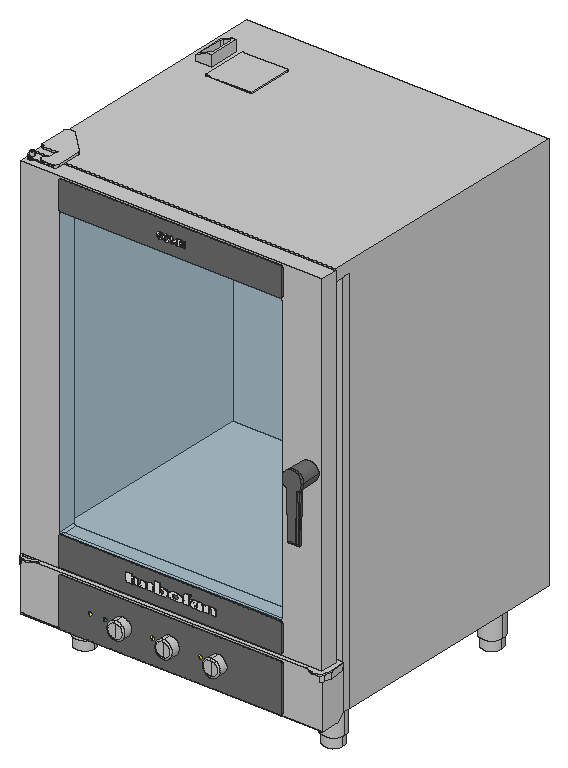
Revit family "QF_Moffat_ICEM101E--", category Specialty Equipment, Revit 2019
Family settings
  Round Connector Dimension = Use Diameter
  Part Type = Normal
  OmniClass Number = 23.40.40.14.17.11
  OmniClass Title = Cookers, Ovens, Stoves
  Work Plane-Based = No
  Always vertical = Yes
  Cut with Voids When Loaded = No
  Shared = No
  Room Calculation Point = No
Parameters (values of type "ICEM101E")
  Weight in Pounds = 230
  Watts = 14500 W
  Waste Water Discharge Temperature [instance] = 0 °C
  Volts = 400 V
  URL Cutsheet = "www.moffat.com"
  URL = "www.moffat.com"
  Status [instance] = ""
  Specification by User [instance] = ""
  Specification by Manufacturer = ""
  Show Logo [instance] = yes
  Show Clearance [instance] = yes
  Serial Number = ""
  Seismic Rating = ""
  SMACNA No = ""
  Revision Code [instance] = ""
  Plumbing Remarks [instance] = ""
  Plumbing Connection Type [instance] = ""
  Phase = 3
  NAFEM Spec ID Number = ""
  Model = "ICEM101E"
  Min Ckt Ampacity = 0 A
  Max Overcurrent Protection = 0 A
  Masterspec = ""
  Manufacturer = "MOFFAT"
  Item Number [instance] = ""
  Installed By [instance] = ""
  Indirect Waste Size = 1 1/2"
  Indirect Waste Flow = 0.0 L/s
  Indirect Waste Connection Type [instance] = ""
  Indirect Waste Connection Height [instance] = 94 mm
  Identify Quantity as Lot [instance] = no
  HP = "19.444790000000"
  Furnished By [instance] = ""
  Foodservice Equipment Identifier [instance] = yes
  Filtered Water Supply Size = 3/4"
  Filtered Water RI Height [instance] = 119 mm
  Filtered Water Flow [instance] = 0.0 L/s
  Filtered Water Connection Height [instance] = 119 mm
  FL Amps = 22 A
  Electrical Remarks [instance] = ""
  Electric Connection Type [instance] = ""
  Elec Conn RI Height [instance] = 0 mm
  Elec Conn Connection Height [instance] = 119 mm
  Description = "ELECTRIC DIRECT STEAM COMBI OVEN - 10 X 1/1 GN - 10 X 600 X 400 ● ELECTROMECHANICAL CONTROLS"
  Cycle = 50 Hz
  Conn Plug = ""
  Conn Conduit [instance] = no
  Cold Water Temperature Recommended = 0 °C
  Cold Water Size = 3/4"
  Cold Water Minimum Pressure = 20000.0 Pa
  Cold Water Maximum Pressure = 50000.0 Pa
  Cold Water Flow [instance] = 0.0 L/s
  Cold Water Consumption [instance] = 0.0 L/s
  Cold Water Connection Height [instance] = 119 mm
  CSI MasterFormat = ""
  Assembly Code = "E1090320"
  Apparent Power = 14500 VA
Reference planes
  plane 1 "Back": y = 0
  plane 2: z = 0
  plane 3 "Left": x = 0
  plane 4 "Right": x = 776.5
  plane 5 "Front": y = -729
  plane 6 "Top": z = 1152
Forms (mm)
  Extrusion 1, solid
    sketch origin (-1.5, -729, 61) x (-1, 0, 0) y (0, 0, 1)
      loop
        arc (-670.5, 1006) -> (-674.036, 1004.536) -> (-675.5, 1001) r 5
        line (-675.5, 1001) -> (-675.5, 266)
        arc (-675.5, 266) -> (-674.036, 262.464) -> (-670.5, 261) r 5
        line (-670.5, 261) -> (-106.5, 261)
        arc (-106.5, 261) -> (-102.964, 262.464) -> (-101.5, 266) r 5
        line (-101.5, 266) -> (-101.5, 1001)
        arc (-101.5, 1001) -> (-102.964, 1004.536) -> (-106.5, 1006) r 5
        line (-106.5, 1006) -> (-670.5, 1006)
    from 0 to 7
  Extrusion 2, solid
    sketch origin (0, -734, 62) x (-1, 0, 0) y (0, 0, 1)
      loop
        line (0, 1086) -> (-776.5, 1086) -> (-776.5, 181) -> (0, 181) -> (0, 1086)
      loop
        line (-105, 1005) -> (-669, 1005)
        arc (-669, 1005) -> (-672.536, 1003.536) -> (-674, 1000) r 5
        line (-674, 1000) -> (-674, 265)
        arc (-674, 265) -> (-672.536, 261.464) -> (-669, 260) r 5
        line (-669, 260) -> (-105, 260)
        arc (-105, 260) -> (-101.464, 261.464) -> (-100, 265) r 5
        line (-100, 265) -> (-100, 1000)
        arc (-100, 1000) -> (-101.464, 1003.536) -> (-105, 1005) r 5
    from 5 to 50
  Extrusion 3, void
    sketch origin (0, -770, 62) x (-1, 0, 0) y (0, 0, 1)
      loop
        line (-726.5, 1040.482) -> (-726.5, 231) -> (-50, 231) -> (-50, 1040.482) -> (-726.5, 1040.482)
    from 73.5 to 660
  Extrusion 4, solid
    sketch origin (-8, 64, 226.75) x (0, 1, 0) y (0, 0, 1)
      loop
        arc (-748, 20) -> (-749.464, 16.464) -> (-753, 15) r 5
        line (-753, 15) -> (-753, 10)
        arc (-753, 10) -> (-745.929, 12.929) -> (-743, 20) r 10
        line (-743, 20) -> (-743, 47.5) -> (-748, 47.5) -> (-748, 20)
    from 18.5 to 58.5
  Extrusion 5, solid
    sketch origin (-8, 64, 226.75) x (1, 0, 0) y (0, 1, 0)
      loop
        line (8, -763.5) -> (8, -785.458)
        arc (8, -785.458) -> (10.035, -789.942) -> (14.75, -791.36) r 5.955
        arc (14.75, -791.36) -> (37.705, -785.436) -> (55.645, -769.937) r 52.003
        arc (55.645, -769.937) -> (57.768, -765.771) -> (58.5, -761.152) r 14.947
        line (58.5, -761.152) -> (58.5, -753) -> (18.5, -753) -> (18.5, -757.5)
        arc (18.5, -757.5) -> (17.621, -759.621) -> (15.5, -760.5) r 3
        line (15.5, -760.5) -> (11, -760.5)
        arc (11, -760.5) -> (8.879, -761.379) -> (8, -763.5) r 3
    from 10 to 15
  Extrusion 6, solid
    sketch origin (0, 0, 0) x (0, 1, 0) y (0, 0, 1)
      loop
        line (0, 119.02) -> (0, 1152) -> (-684, 1152) -> (-684, 1122) -> (-644, 1122) -> (-644, 119.02) -> (0, 119.02)
    from 0 to 776.5
  Extrusion 7, solid
    sketch origin (-8, 0, 3) x (1, 0, 0) y (0, 1, 0)
      loop
        circle (19, -719.093) r 5
    from 232.5 to 240
  Extrusion 8, solid
    sketch origin (5, 0, 375) x (1, 0, 0) y (0, 1, 0)
      loop
        arc (5, -581.05) -> (-2.071, -583.979) -> (-5, -591.05) r 10
        line (-5, -591.05) -> (-5, -656.05)
        arc (-5, -656.05) -> (-2.071, -663.121) -> (5, -666.05) r 10
        line (5, -666.05) -> (40, -666.05) -> (40, -695.05)
        arc (40, -695.05) -> (30, -705.05) -> (40, -715.05) r 10
        line (40, -715.05) -> (65, -715.05)
        arc (65, -715.05) -> (67.236, -714.797) -> (69.359, -714.05) r 10
        arc (69.359, -714.05) -> (73.473, -710.361) -> (75, -705.05) r 10
        line (75, -705.05) -> (75, -644.192)
        arc (75, -644.192) -> (74.239, -640.365) -> (72.071, -637.121) r 10
        line (72.071, -637.121) -> (18.929, -583.979)
        arc (18.929, -583.979) -> (15.685, -581.811) -> (11.858, -581.05) r 10
        line (11.858, -581.05) -> (5, -581.05)
    from 777 to 782
  Extrusion 9, solid
    sketch origin (0, 0, 375) x (0, 1, 0) y (0, 0, 1)
      loop
        line (0, 402.121) -> (50, 402.121) -> (50, 695.487) -> (0, 745.487) -> (0, 402.121)
    from 66.5 to 216.5
  Revolve 10, solid
    sketch origin (-5, -605.284, 0) x (1, 0, 0) y (0, 0, 1)
      loop
        line (46.862, 0) -> (72, 0) -> (72, 119.02) -> (43, 119.02) -> (43, 26.5) -> (46.862, 26.5) -> (46.862, 0)
      axis (72, 0) -> (72, 119.02)
    angle from 0 to 360
  Extrusion 11, solid
    sketch origin (26.25, 0, 1152) x (1, 0, 0) y (0, 1, 0)
      loop
        line (164.05, -109.8) -> (54.05, -109.8)
        arc (54.05, -109.8) -> (50.514, -111.264) -> (49.05, -114.8) r 5
        line (49.05, -114.8) -> (49.05, -224.8)
        arc (49.05, -224.8) -> (50.514, -228.336) -> (54.05, -229.8) r 5
        line (54.05, -229.8) -> (164.05, -229.8)
        arc (164.05, -229.8) -> (167.586, -228.336) -> (169.05, -224.8) r 5
        line (169.05, -224.8) -> (169.05, -114.8)
        arc (169.05, -114.8) -> (167.586, -111.264) -> (164.05, -109.8) r 5
    from 0 to 2
  Extrusion 12, solid
    sketch origin (-2.75, 0, 1152) x (1, 0, 0) y (0, 1, 0)
      loop
        line (26.25, -114.484) -> (26.25, -194.484) -> (66.25, -194.484) -> (66.25, -114.484) -> (26.25, -114.484)
      loop
        line (56.104, -119.484) -> (36.739, -119.484) -> (31.956, -124.484) -> (31.956, -184.484) -> (36.739, -189.484) -> (56.104, -189.484) -> (60.887, -184.484) -> (60.887, -124.484) -> (56.104, -119.484)
    from 0 to 30
  Extrusion 13, void
    sketch origin (0, 0, 375) x (1, 0, 0) y (0, 0, 1)
      loop
        line (11.25, 787) -> (23.5, 787) -> (23.5, 791.9) -> (51.111, 805.706) -> (71.25, 805.706) -> (71.25, 822) -> (11.25, 822) -> (11.25, 787)
    from 110 to 205.852
  Extrusion 14, solid
    sketch origin (-3, 0, 109) x (1, 0, 0) y (0, 1, 0)
      loop
        circle (480.5, -40) r 10
    from 0 to 10.02
  Extrusion 15, solid
    sketch origin (0, 0, 0) x (1, 0, 0) y (0, 0, 1)
      loop
        line (96, 119.02) -> (96, 68) -> (554.5, 68) -> (554.5, 119.02) -> (553.5, 119.02) -> (553.5, 69.6) -> (97, 69.6) -> (97, 119.02) -> (96, 119.02)
    from 54.615 to 0.871
  Sweep 16, solid
    path origin (388.257, -0.7, 18.041) x (0, 1, 0) y (0, 0, 1)
      loop
        line (22.676, 76) -> (-84, 76) -> (-136.6, 80.825) -> (-267.884, 129.449)
    profile origin (388.257, -31.362, 94.041) x (0, 0, -1) y (1, 0, 0)
      loop
        circle (0, 0) r 20
  Extrusion 17, solid, visible <- "Show Clearance", detail levels coarse
    sketch origin (0, 0, 0) x (1, 0, 0) y (0, 1, 0)
      loop
        line (776.5, -729) -> (0, -729) -> (0, -1505.5)
        arc (0, -1505.5) -> (549.068, -1278.068) -> (776.5, -729) r 776.5
    from 243 to 1148
  Extrusion 18, solid, visible <- "Show Clearance", detail levels coarse
    sketch origin (0, 0, 0) x (1, 0, 0) y (0, 1, 0)
      loop
        line (0, -729) -> (0, 0) -> (776.5, 0) -> (776.5, 65) -> (-500, 65) -> (-500, -729) -> (0, -729)
    from 0 to 1152
  Extrusion 19, solid
    sketch origin (0, -728, 0) x (1, 0, 0) y (0, 0, 1)
      loop
        arc (674, 317) -> (672.536, 320.536) -> (669, 322) r 5
        line (669, 322) -> (105, 322)
        arc (105, 322) -> (101.464, 320.536) -> (100, 317) r 5
        line (100, 317) -> (100, 250)
        arc (100, 250) -> (101.464, 246.464) -> (105, 245) r 5
        line (105, 245) -> (669, 245)
        arc (669, 245) -> (672.536, 246.464) -> (674, 250) r 5
        line (674, 250) -> (674, 317)
      loop
        arc (674, 224.522) -> (672.536, 228.058) -> (669, 229.522) r 5
        line (669, 229.522) -> (105, 229.522)
        arc (105, 229.522) -> (101.464, 228.058) -> (100, 224.522) r 5
        line (100, 224.522) -> (100, 108.522)
        arc (100, 108.522) -> (101.464, 104.987) -> (105, 103.522) r 5
        line (105, 103.522) -> (669, 103.522)
        arc (669, 103.522) -> (672.536, 104.987) -> (674, 108.522) r 5
        line (674, 108.522) -> (674, 224.522)
      loop
        arc (674, 1139) -> (672.536, 1142.536) -> (669, 1144) r 5
        line (669, 1144) -> (105, 1144)
        arc (105, 1144) -> (101.464, 1142.536) -> (100, 1139) r 5
        line (100, 1139) -> (100, 1072)
        arc (100, 1072) -> (101.464, 1068.464) -> (105, 1067) r 5
        line (105, 1067) -> (669, 1067)
        arc (669, 1067) -> (672.536, 1068.464) -> (674, 1072) r 5
        line (674, 1072) -> (674, 1139)
    from 0 to 2
  Revolve 20, solid
    sketch origin (635, -605.284, 0) x (1, 0, 0) y (0, 0, 1)
      loop
        line (46.862, 0) -> (72, 0) -> (72, 119) -> (43, 119) -> (43, 26.5) -> (46.862, 26.5) -> (46.862, 0)
      axis (72, 0) -> (72, 119)
    angle from 0 to 360
  Revolve 21, solid
    sketch origin (0.4, -705.042, 375) x (1, 0, 0) y (0, 0, 1)
      loop
        line (5.6, 774.2) -> (1.6, 774.2) -> (1.6, 772) -> (10.6, 772) -> (10.6, 789.2) -> (6.6, 789.2) -> (5.6, 788.2) -> (5.6, 774.2)
      axis (10.6, 772) -> (10.6, 789.2)
    angle from 0 to 360
  Extrusion 22, solid
    sketch origin (0, 0, 0) x (0, 1, 0) y (0, 0, 1)
      loop
        arc (-661.278, 120.156) -> (-661.167, 120.571) -> (-661.13, 121) r 2.486
        line (-661.13, 121) -> (-661.13, 231.694)
        arc (-661.13, 231.694) -> (-661.599, 232.825) -> (-662.73, 233.294) r 1.6
        line (-662.73, 233.294) -> (-728, 233.294) -> (-728, 103.42)
        arc (-728, 103.42) -> (-727.531, 102.289) -> (-726.4, 101.82) r 1.6
        line (-726.4, 101.82) -> (-680.235, 101.82)
        arc (-680.235, 101.82) -> (-679.661, 101.935) -> (-679.174, 102.26) r 1.5
        line (-679.174, 102.26) -> (-661.278, 120.156)
    from 0 to 776.5
  Extrusion 23, solid
    sketch origin (0, -0.427, 0.313) x (0, 1, 0) y (0, 0, 1)
      loop
        line (-662.006, 97.82) -> (-662.006, 118.687) -> (-677.245, 103.448) -> (-675.618, 101.82) -> (-667.006, 101.82) -> (-667.006, 99.82) -> (-678.618, 99.82) -> (-679.618, 98.82) -> (-679.618, 94.82) -> (-678.618, 93.82) -> (-666.006, 93.82)
        arc (-666.006, 93.82) -> (-663.178, 94.992) -> (-662.006, 97.82) r 4
    from 60.6 to 62.1
  Extrusion 24, solid
    sketch origin (652.8, -0.427, 0.313) x (0, 1, 0) y (0, 0, 1)
      loop
        line (-662.006, 97.82) -> (-662.006, 118.687) -> (-677.245, 103.448) -> (-675.618, 101.82) -> (-667.006, 101.82) -> (-667.006, 99.82) -> (-678.618, 99.82) -> (-679.618, 98.82) -> (-679.618, 94.82) -> (-678.618, 93.82) -> (-666.006, 93.82)
        arc (-666.006, 93.82) -> (-663.178, 94.992) -> (-662.006, 97.82) r 4
    from 60.6 to 62.1
  Extrusion 25, solid
    sketch origin (0, 0, 375) x (1, 0, 0) y (0, 1, 0)
      loop
        arc (11, -695.05) -> (1, -705.05) -> (11, -715.05) r 10
        line (11, -715.05) -> (70, -715.05) -> (70, -695.05) -> (11, -695.05)
    from 780 to 777
  Revolve 26, solid
    sketch origin (-5, -95.284, 0) x (1, 0, 0) y (0, 0, 1)
      loop
        line (46.862, 0) -> (72, 0) -> (72, 119.02) -> (43, 119.02) -> (43, 26.5) -> (46.862, 26.5) -> (46.862, 0)
      axis (72, 0) -> (72, 119.02)
    angle from 0 to 360
  Revolve 27, solid
    sketch origin (635, -95.284, 0) x (1, 0, 0) y (0, 0, 1)
      loop
        line (46.862, 0) -> (72, 0) -> (72, 119) -> (43, 119) -> (43, 26.5) -> (46.862, 26.5) -> (46.862, 0)
      axis (72, 0) -> (72, 119)
    angle from 0 to 360
  Extrusion 28, solid
    sketch origin (0, -644, 0) x (1, 0, 0) y (0, 0, 1)
      loop
        line (0, 1122) -> (0, 119.02) -> (776.5, 119.02) -> (776.5, 1122) -> (0, 1122)
      loop
        line (50, 1072) -> (50, 169.02) -> (726.5, 169.02) -> (726.5, 1072) -> (50, 1072)
    from 0 to 17.13
  Extrusion 29, solid
    sketch origin (0, 218.103, 0) x (1, 0, 0) y (0, 1, 0)
      loop
        line (11.387, -954.123) -> (19.679, -954.123)
        arc (19.679, -954.123) -> (23.564, -953.602) -> (27.179, -952.082) r 14.86
        line (27.179, -952.082) -> (40.701, -944.155) -> (40.701, -882.001) -> (-1.998, -882.001)
        arc (-1.998, -882.001) -> (-2.591, -882.19) -> (-2.963, -882.688) r 1.021
        arc (-2.963, -882.688) -> (-5.884, -903.957) -> (-7.5, -925.364) r 351.195
        line (-7.5, -925.364) -> (-3.257, -942.641)
        arc (-3.257, -942.641) -> (2.083, -950.91) -> (11.387, -954.123) r 15.079
    from 233.294 to 235.5
  Extrusion 30, solid
    sketch origin (0, 0, 0) x (1, 0, 0) y (0, 1, 0)
      loop
        line (-7.5, -707.261) -> (-3.257, -724.538)
        arc (-3.257, -724.538) -> (-1.235, -729.191) -> (2.217, -732.911) r 15.079
        line (2.217, -732.911) -> (2.217, -730.267)
        arc (2.217, -730.267) -> (0.019, -727.409) -> (-1.314, -724.06) r 13.079
        line (-1.314, -724.06) -> (-5.5, -707.019)
        arc (-5.5, -707.019) -> (-3.951, -686.392) -> (-1.156, -665.898) r 341.282
        line (-1.156, -665.898) -> (30, -665.898) -> (30, -663.898) -> (-1.998, -663.898)
        arc (-1.998, -663.898) -> (-2.72, -664.197) -> (-3.019, -664.919) r 1.021
        arc (-3.019, -664.919) -> (-5.902, -686.022) -> (-7.5, -707.261) r 351.195
    from 219.2 to 233.294
  Extrusion 31, solid
    sketch origin (0, 0, 0) x (1, 0, 0) y (0, 1, 0)
      loop
        line (736.5, -661.13) -> (40, -661.13) -> (40, -684) -> (736.5, -684) -> (736.5, -661.13)
    from 274.25 to 1122
  Extrusion 32, solid
    sketch origin (-3, 0, 0) x (1, 0, 0) y (0, 1, 0)
      loop
        circle (600.5, -40) r 10
    from 109 to 119.02
  Extrusion 33, solid
    sketch origin (-3, 0, 0) x (1, 0, 0) y (0, 1, 0)
      loop
        circle (675.5, -40) r 10
    from 109 to 119.02
  Extrusion 34, solid
    sketch origin (776.517, 218.103, 0) x (-1, 0, 0) y (0, -1, 0)
      loop
        arc (11.387, 954.123) -> (2.083, 950.91) -> (-3.257, 942.641) r 15.079
        line (-3.257, 942.641) -> (-7.5, 925.364)
        arc (-7.5, 925.364) -> (-5.884, 903.957) -> (-2.963, 882.688) r 351.195
        arc (-2.963, 882.688) -> (-2.591, 882.19) -> (-1.998, 882.001) r 1.021
        line (-1.998, 882.001) -> (40.701, 882.001) -> (40.701, 944.155) -> (27.179, 952.082)
        arc (27.179, 952.082) -> (23.564, 953.602) -> (19.679, 954.123) r 14.86
        line (19.679, 954.123) -> (11.387, 954.123)
    from 233.294 to 235.5
  Extrusion 35, solid
    sketch origin (776.517, 0, 0) x (-1, 0, 0) y (0, -1, 0)
      loop
        arc (-7.5, 707.261) -> (-5.902, 686.022) -> (-3.019, 664.919) r 351.195
        arc (-3.019, 664.919) -> (-2.72, 664.197) -> (-1.998, 663.898) r 1.021
        line (-1.998, 663.898) -> (30, 663.898) -> (30, 665.898) -> (-1.156, 665.898)
        arc (-1.156, 665.898) -> (-3.951, 686.392) -> (-5.5, 707.019) r 341.282
        line (-5.5, 707.019) -> (-1.314, 724.06)
        arc (-1.314, 724.06) -> (0.019, 727.409) -> (2.217, 730.267) r 13.079
        line (2.217, 730.267) -> (2.217, 732.911)
        arc (2.217, 732.911) -> (-1.235, 729.191) -> (-3.257, 724.538) r 15.079
        line (-3.257, 724.538) -> (-7.5, 707.261)
    from 219.2 to 233.294
  Revolve 36, solid
    sketch origin (264, -0.02, 28.5) x (0, 1, 0) y (0, 0, 1)
      loop
        line (-754.935, 138.022) -> (-730.98, 138.022) -> (-730.98, 160.022) -> (-751.935, 160.022)
        arc (-751.935, 160.022) -> (-754.056, 159.144) -> (-754.935, 157.022) r 3
        line (-754.935, 157.022) -> (-754.935, 138.022)
      axis (-730.98, 138.022) -> (-754.935, 138.022)
    angle from 0 to 360
  Extrusion 37, solid
    sketch origin (0, -2.2, 28.5) x (1, 0, 0) y (0, 0, 1)
      loop
        circle (387, 138.022) r 3
      loop
        circle (510, 138.022) r 3
      loop
        circle (264, 138.022) r 3
    from 726.8 to 728.8
  Revolve 38, solid
    sketch origin (386.984, -0.02, 28.5) x (0, 1, 0) y (0, 0, 1)
      loop
        line (-754.935, 138.022) -> (-730.98, 138.022) -> (-730.98, 160.022) -> (-751.935, 160.022)
        arc (-751.935, 160.022) -> (-754.056, 159.144) -> (-754.935, 157.022) r 3
        line (-754.935, 157.022) -> (-754.935, 138.022)
      axis (-730.98, 138.022) -> (-754.935, 138.022)
    angle from 0 to 360
  Revolve 39, solid
    sketch origin (510.015, -0.02, 28.5) x (0, 1, 0) y (0, 0, 1)
      loop
        line (-754.935, 138.022) -> (-730.98, 138.022) -> (-730.98, 160.022) -> (-751.935, 160.022)
        arc (-751.935, 160.022) -> (-754.056, 159.144) -> (-754.935, 157.022) r 3
        line (-754.935, 157.022) -> (-754.935, 138.022)
      axis (-730.98, 138.022) -> (-754.935, 138.022)
    angle from 0 to 360
  Revolve 40, solid
    sketch origin (179.989, 0, 1.004) x (0, 1, 0) y (0, 0, 1)
      loop
        line (-730, 165.519) -> (-730, 169.522)
        arc (-730, 169.522) -> (-730.746, 167.582) -> (-731, 165.519) r 8.507
        line (-731, 165.519) -> (-730, 165.519)
      axis (-730, 165.519) -> (-731, 165.519)
    angle from 0 to 360
  Revolve 41, solid
    sketch origin (217.996, 0, 1.004) x (0, 1, 0) y (0, 0, 1)
      loop
        line (-730, 165.519) -> (-730, 169.522)
        arc (-730, 169.522) -> (-730.746, 167.582) -> (-731, 165.519) r 8.507
        line (-731, 165.519) -> (-730, 165.519)
      axis (-730, 165.519) -> (-731, 165.519)
    angle from 0 to 360
  Revolve 42, solid
    sketch origin (340.98, 0, 1.004) x (0, 1, 0) y (0, 0, 1)
      loop
        line (-730, 165.519) -> (-730, 169.522)
        arc (-730, 169.522) -> (-730.746, 167.582) -> (-731, 165.519) r 8.507
        line (-731, 165.519) -> (-730, 165.519)
      axis (-730, 165.519) -> (-731, 165.519)
    angle from 0 to 360
  Revolve 43, solid
    sketch origin (464.011, 0, 1.004) x (0, 1, 0) y (0, 0, 1)
      loop
        line (-730, 165.519) -> (-730, 169.522)
        arc (-730, 169.522) -> (-730.746, 167.582) -> (-731, 165.519) r 8.507
        line (-731, 165.519) -> (-730, 165.519)
      axis (-730, 165.519) -> (-731, 165.519)
    angle from 0 to 360
Cuts and joins
  Extrusion 3 cuts Extrusion 6
  Extrusion 13 cuts Extrusion 12
  Extrusion 3 cuts Extrusion 28
  Extrusion 3 cuts Extrusion 31
Lines and regions (mm)
  symbolic lines, style "200-EquipBorder-2D"
    curve 1: line (0, 0, 0) -> (776.5, 0, 0)
    curve 2: line (776.5, -729, 0) -> (0, -729, 0)
    curve 3: line (776.5, 0, 0) -> (776.5, -729, 0)
    curve 4: line (66.5, 50, 0) -> (216.5, 50, 0)
    curve 5: line (216.5, 50, 0) -> (216.5, 0, 0)
    curve 6: line (66.5, 50, 0) -> (66.5, 0, 0)
    curve 7: arc (241.973, -751.679, 0) -> (243.079, -754.039, 0) -> (245.502, -755, 0) r 3.536
    curve 8: line (285.972, -751.464, 0) -> (285.972, -731, 0)
    curve 9: arc (285.972, -751.464, 0) -> (284.937, -753.964, 0) -> (282.437, -755, 0) r 3.536
    curve 10: line (282.437, -755, 0) -> (245.502, -755, 0)
    curve 22: line (0, -729, 0) -> (0, 0, 0)
    curve 28: line (241.973, -731, 0) -> (241.973, -751.679, 0)
    curve 29: line (241.973, -731, 0) -> (285.972, -731, 0)
    curve 30: arc (364.956, -751.679, 0) -> (366.062, -754.039, 0) -> (368.485, -755, 0) r 3.536
    curve 31: line (408.956, -751.464, 0) -> (408.956, -731, 0)
    curve 32: arc (408.956, -751.464, 0) -> (407.92, -753.964, 0) -> (405.42, -755, 0) r 3.536
    curve 33: line (405.42, -755, 0) -> (368.485, -755, 0)
    curve 34: line (364.956, -731, 0) -> (364.956, -751.679, 0)
    curve 35: line (364.956, -731, 0) -> (408.956, -731, 0)
    curve 36: arc (487.987, -751.679, 0) -> (489.093, -754.039, 0) -> (491.516, -755, 0) r 3.536
    curve 37: line (531.987, -751.464, 0) -> (531.987, -731, 0)
    curve 38: arc (531.987, -751.464, 0) -> (530.951, -753.964, 0) -> (528.451, -755, 0) r 3.536
    curve 39: line (528.451, -755, 0) -> (491.516, -755, 0)
    curve 40: line (487.987, -731, 0) -> (487.987, -751.679, 0)
    curve 41: line (487.987, -731, 0) -> (531.987, -731, 0)
    curve 42: line (260.984, -731, 0) -> (260.984, -729, 0)
    curve 43: line (266.999, -729, 0) -> (266.999, -731, 0)
    curve 44: line (383.967, -731, 0) -> (383.967, -729, 0)
    curve 45: line (389.982, -729, 0) -> (389.982, -731, 0)
    curve 46: line (506.998, -731, 0) -> (506.998, -729, 0)
    curve 47: line (513.013, -729, 0) -> (513.013, -731, 0)
  symbolic lines, style "200-EquipInternal-2D"
    curve 11: line (75.3, -114.8, 0) -> (75.3, -224.8, 0)
    curve 12: line (63.5, -194.484, 0) -> (63.5, -114.484, 0)
    curve 13: line (23.5, -114.484, 0) -> (23.5, -194.484, 0)
    curve 14: line (63.5, -114.484, 0) -> (23.5, -114.484, 0)
    curve 15: line (23.5, -194.484, 0) -> (63.5, -194.484, 0)
    curve 16: arc (75.3, -224.8, 0) -> (76.764, -228.336, 0) -> (80.3, -229.8, 0) r 5
    curve 17: arc (190.3, -229.8, 0) -> (193.836, -228.336, 0) -> (195.3, -224.8, 0) r 5
    curve 18: line (195.3, -224.8, 0) -> (195.3, -114.8, 0)
    curve 19: line (80.3, -229.8, 0) -> (190.3, -229.8, 0)
    curve 20: arc (80.3, -109.8, 0) -> (76.764, -111.264, 0) -> (75.3, -114.8, 0) r 5
    curve 21: arc (195.3, -114.8, 0) -> (193.836, -111.264, 0) -> (190.3, -109.8, 0) r 5
    curve 27: line (80.3, -109.8, 0) -> (190.3, -109.8, 0)
    curve 48: line (0, -684, 0) -> (776.5, -684, 0)
    curve 49: line (77.071, -637.121, 0) -> (23.929, -583.979, 0)
    curve 50: arc (10, -581.05, 0) -> (2.929, -583.979, 0) -> (0, -591.05, 0) r 10
    curve 51: line (16.858, -581.05, 0) -> (10, -581.05, 0)
    curve 52: arc (23.929, -583.979, 0) -> (20.685, -581.811, 0) -> (16.858, -581.05, 0) r 10
    curve 53: line (10, -666.05, 0) -> (45, -666.05, 0)
    curve 54: arc (0, -656.05, 0) -> (2.929, -663.121, 0) -> (10, -666.05, 0) r 10
    curve 55: line (45, -666.05, 0) -> (45, -695.05, 0)
    curve 56: line (80, -705.05, 0) -> (80, -644.192, 0)
    curve 57: arc (80, -644.192, 0) -> (79.239, -640.365, 0) -> (77.071, -637.121, 0) r 10
    curve 58: arc (70, -715.05, 0) -> (77.071, -712.121, 0) -> (80, -705.05, 0) r 10
    curve 59: line (45, -715.05, 0) -> (70, -715.05, 0)
    curve 60: arc (45, -695.05, 0) -> (35, -705.05, 0) -> (45, -715.05, 0) r 10
    curve 61: line (45, -695.05, 0) -> (11, -695.05, 0)
    curve 62: arc (11, -695.05, 0) -> (1, -705.05, 0) -> (11, -715.05, 0) r 10
    curve 63: line (11, -715.05, 0) -> (45, -715.05, 0)
    curve 64: circle (11, -705.042, 0) r 5 normal (0, 0, 1)
    curve 65: circle (11, -705.042, 0) r 4 normal (0, 0, 1)
    curve 66: line (33.989, -119.484, 0) -> (53.354, -119.484, 0)
    curve 67: line (29.206, -124.484, 0) -> (33.989, -119.484, 0)
    curve 68: line (29.206, -184.484, 0) -> (29.206, -124.484, 0)
    curve 69: line (33.989, -189.484, 0) -> (29.206, -184.484, 0)
    curve 70: line (53.354, -189.484, 0) -> (33.989, -189.484, 0)
    curve 71: line (58.137, -184.484, 0) -> (53.354, -189.484, 0)
    curve 72: line (58.137, -124.484, 0) -> (58.137, -184.484, 0)
    curve 73: line (53.354, -119.484, 0) -> (58.137, -124.484, 0)
  symbolic lines, style "QF_Door-Drawer Clearances", visible <- "Show Clearance"
    curve 23: line (0, -729, 0) -> (0, -1505.5, 0)
    curve 24: arc (0, -1505.5, 0) -> (549.068, -1278.068, 0) -> (776.5, -729, 0) r 776.5
  symbolic lines, style "QF_Clearances", visible <- "Show Clearance"
    curve 25: line (-500, -729, 0) -> (-500, 65, 0)
    curve 26: line (-500, 65, 0) -> (776.5, 65, 0)
Dimensions and locks
  plane 3 "Left" to plane 4 "Right" = 776.5 mm
  plane 5 "Front" to plane 1 "Back" = 729 mm
  plane 6 "Top" to level = 1152 mm
  plane 1 "Back" to plane 5 "Front" = 729 mm
  plane 4 "Right" to plane 3 "Left" = 776.5 mm
  aligned and locked: level to plane 2
Nested families
  nested 1: "Combi_Handle" at (744, -729, 694.5) x (1, 0, 0) z (0, -1, 0), type "KTM"
    with MAT_Handle none
  nested 2: "Combi_Logo_Combi" at (388.25, -729.5, 1102.482) x (1, 0, 0) z (0, -1, 0), visible <- "Show Logo", type "KTM"
    with MAT_Handle none
  nested 3: "Combi_Logo_Turbofan" at (388.25, -729.5, 283.5) x (1, 0, 0) z (0, -1, 0), visible <- "Show Logo", type "KTM"
    with MAT_Handle none
Connectors
  electrical at (477.5, -40, 109), driven by "Apparent Power", driven by "Volts"
    settings: on Extrusion 14, index 1, voltage 400 V, apparent load 14500 VA, apparent load phase1 0 VA, apparent load phase2 0 VA, apparent load phase3 0 VA, power factor 1, load classification "Other", number of poles 1, system type 30, power factor state 1, is connector primary yes, connector utility no, sub classification motor no, connector description "Electrical connestion"
  piping at (597.5, -40, 109), diameter 19.05, driven by "Cold Water Size", driven by "Cold Water Flow"
    settings: on Extrusion 32, index 2, connector inside diameter 24", connector length 0 mm, flow factor 0, pipe flow 0.0 L/s, pressure drop 0.0 Pa, fitting loss kfactor 0, connector angle 0.00°, fixture units 0, engagement length 0 mm, angle of deflection 0.00°, flow configuration 0, flow direction 1, fitting loss method 0, system type 20, joint type 0, gender type 0, connector reference index -1, connector utility 0, adjustable connector no, is connector primary yes, connector description "Cold water inlet"
  piping at (672.5, -40, 109), diameter 19.05, driven by "Cold Water Size", driven by "Cold Water Flow"
    settings: on Extrusion 33, index 4, connector inside diameter 24", connector length 0 mm, flow factor 0, pipe flow 0.0 L/s, pressure drop 0.0 Pa, fitting loss kfactor 0, connector angle 0.00°, fixture units 0, engagement length 0 mm, angle of deflection 0.00°, flow configuration 0, flow direction 1, fitting loss method 0, system type 20, joint type 0, gender type 0, connector reference index -1, connector utility 0, adjustable connector no, is connector primary no, connector description "Cold soft water"
  piping at (388.257, 21.976, 94.041), diameter 38.1, driven by "Indirect Waste Size", driven by "Indirect Waste Flow"
    settings: on Sweep 16, index 5, connector inside diameter 24", connector length 0 mm, flow factor 0, pipe flow 0.0 L/s, pressure drop 0.0 Pa, fitting loss kfactor 0, connector angle 0.00°, fixture units 0, engagement length 0 mm, angle of deflection 0.00°, flow configuration 0, flow direction 2, fitting loss method 0, system type 16, joint type 0, gender type 0, connector reference index -1, connector utility 0, adjustable connector no, is connector primary no, connector description "Drain"
Definition of nested family "Combi_Handle"
  Parameters (values of type "KTM")
    MAT_Handle [instance] = none
    Default Elevation = 0 mm
  Reference planes
    plane 1 "Center (Front/Back)": y = 0
    plane 2: z = 0
    plane 3 "Center (Left/Right)": x = 0
    plane 4: y = -150
  Forms (mm)
    Revolve 1, solid, material <- "MAT_Handle"
      sketch origin (0, 0, 0) x (1, 0, 0) y (0, 0, 1)
        loop
          line (-23.5, 0) -> (0, 0) -> (0, 56.5) -> (-24.5, 56.5) -> (-24.5, 50) -> (-23.5, 0)
        axis (0, 0) -> (0, 56.5)
      angle from 0 to 360
    Blend 2, solid, material <- "MAT_Handle"
      base sketch origin (0, 0, 0) x (1, 0, 0) y (0, 0, 1)
        loop
          arc (-12.809, 56.5) -> (-13.773, 56.252) -> (-14.499, 55.57) r 2
          line (-14.499, 55.57) -> (-17.189, 51.324)
          arc (-17.189, 51.324) -> (-17.421, 50.811) -> (-17.5, 50.253) r 2
          line (-17.5, 50.253) -> (-17.5, 46.906)
          arc (-17.5, 46.906) -> (-15.743, 42.664) -> (-11.5, 40.906) r 6
          line (-11.5, 40.906) -> (11.5, 40.906)
          arc (11.5, 40.906) -> (15.743, 42.664) -> (17.5, 46.906) r 6
          line (17.5, 46.906) -> (17.5, 50.253)
          arc (17.5, 50.253) -> (17.421, 50.811) -> (17.189, 51.324) r 2
          line (17.189, 51.324) -> (14.499, 55.57)
          arc (14.499, 55.57) -> (13.773, 56.252) -> (12.809, 56.5) r 2
          line (12.809, 56.5) -> (-12.809, 56.5)
      top sketch origin (0, 0, 0) x (1, 0, 0) y (0, 0, 1)
        loop
          arc (-9.137, 56.5) -> (-10.101, 56.252) -> (-10.827, 55.57) r 2
          line (-10.827, 55.57) -> (-13.189, 51.841)
          arc (-13.189, 51.841) -> (-13.421, 51.328) -> (-13.5, 50.771) r 2
          line (-13.5, 50.771) -> (-13.5, 48.5)
          arc (-13.5, 48.5) -> (-11.743, 44.257) -> (-7.5, 42.5) r 6
          line (-7.5, 42.5) -> (7.5, 42.5)
          arc (7.5, 42.5) -> (11.743, 44.257) -> (13.5, 48.5) r 6
          line (13.5, 48.5) -> (13.5, 50.771)
          arc (13.5, 50.771) -> (13.421, 51.328) -> (13.189, 51.841) r 2
          line (13.189, 51.841) -> (10.827, 55.57)
          arc (10.827, 55.57) -> (10.101, 56.252) -> (9.137, 56.5) r 2
          line (9.137, 56.5) -> (-9.137, 56.5)
      from 0 to 150
    Extrusion 3, void
      sketch origin (0, 0, 0) x (0, 1, 0) y (0, 0, 1)
        loop
          line (-150, 48.5) -> (-134.679, 61.356) -> (-150, 61.356) -> (-150, 48.5)
      from -30 to 30
  Cuts and joins
    Extrusion 3 cuts Blend 2
    joined: Revolve 1, Blend 2
  Dimensions and locks
    locked: plane 4 to plane 1 "Center (Front/Back)" at 150
    aligned and locked: level to plane 2
    aligned and locked: Blend 2 to plane 4
    aligned and locked: Extrusion 3 sketch curve to plane 4
Definition of nested family "Combi_Logo_Combi"
  Parameters (values of type "KTM")
    MAT_Handle [instance] = none
    Default Elevation = 0 mm
  Reference planes
    plane 1 "Center (Front/Back)": y = 0
    plane 2: z = 0
    plane 3 "Center (Left/Right)": x = 0
  Forms (mm)
    Extrusion 1, solid, material <- "MAT_Handle"
      sketch origin (0, 0, 0) x (1, 0, 0) y (0, 1, 0)
        loop
          circle (-11.986, 0) r 8
        loop
          arc (-21.925, 5.237) -> (-35.972, 0) -> (-21.925, -5.237) r 8
          line (-21.925, -5.237) -> (-24.458, -3.044)
          arc (-24.458, -3.044) -> (-32.622, 0) -> (-24.458, 3.044) r 4.65
          line (-24.458, 3.044) -> (-21.925, 5.237)
        loop
          circle (-11.986, 0) r 4.65
        loop
          line (7.112, -0.787) -> (-1.186, 8) -> (-1.186, -8) -> (2.17, -8) -> (2.17, -0.498) -> (7.112, -5.732) -> (12.054, -0.498) -> (12.054, -8) -> (15.41, -8) -> (15.41, 8) -> (7.112, -0.787)
        loop
          arc (25.183, -8) -> (28.614, -6.579) -> (30.036, -3.147) r 4.853
          arc (30.036, -3.147) -> (29.215, -0.733) -> (27.093, 0.68) r 3.961
          arc (27.093, 0.68) -> (28.677, 1.43) -> (29.32, 3.059) r 2.384
          arc (29.32, 3.059) -> (27.873, 6.553) -> (24.379, 8) r 4.941
          line (24.379, 8) -> (18.583, 8) -> (18.583, -8) -> (25.183, -8)
        loop
          arc (25.183, -5.212) -> (27.248, -3.147) -> (25.183, -1.083) r 2.065
          line (25.183, -1.083) -> (21.939, -1.083) -> (21.939, -5.212) -> (25.183, -5.212)
        loop
          line (32.617, 8) -> (32.617, -8) -> (35.972, -8) -> (35.972, 8) -> (32.617, 8)
        loop
          arc (24.379, 1.246) -> (26.192, 3.059) -> (24.379, 4.872) r 1.813
          line (24.379, 4.872) -> (21.939, 4.872) -> (21.939, 1.246) -> (24.379, 1.246)
      from 0 to 1
  Dimensions and locks
    aligned and locked: level to plane 2
Definition of nested family "Combi_Logo_Turbofan"
  Parameters (values of type "KTM")
    MAT_Handle [instance] = none
    Default Elevation = 0 mm
  Reference planes
    plane 1 "Center (Front/Back)": y = 0
    plane 2: z = 0
    plane 3 "Center (Left/Right)": x = 0
  Forms (mm)
    Extrusion 1, solid, material <- "MAT_Handle"
      sketch origin (0, 0, 0) x (1, 0, 0) y (0, 1, 0)
        loop
          line (-84.466, -3.334) -> (-84.466, 7.583) -> (-93.685, 7.583) -> (-93.685, -5.149)
          arc (-93.685, -5.149) -> (-92.935, -7.494) -> (-90.965, -8.971) r 4.045
          arc (-90.965, -8.971) -> (-82.419, -10.77) -> (-73.696, -10.378) r 34.694
          line (-73.696, -10.378) -> (-64.589, -8.806) -> (-64.589, 7.583) -> (-76.526, 7.583) -> (-76.526, -5.61) -> (-80.945, -6.329)
          arc (-80.945, -6.329) -> (-83.397, -5.645) -> (-84.466, -3.334) r 3.034
        loop
          line (-45.406, 3.753) -> (-42.901, 3.552) -> (-42.901, 8.399)
          arc (-42.901, 8.399) -> (-51.379, 8.286) -> (-59.686, 6.588) r 45.105
          line (-59.686, 6.588) -> (-59.686, -10) -> (-47.59, -10) -> (-47.59, 1.737)
          arc (-47.59, 1.737) -> (-46.939, 3.223) -> (-45.406, 3.753) r 2.022
        loop
          arc (-112.147, -9.336) -> (-105.49, -10.705) -> (-98.694, -10.776) r 35.397
          line (-98.694, -10.776) -> (-98.694, -6.355) -> (-100.329, -6.11)
          arc (-100.329, -6.11) -> (-101.561, -5.429) -> (-102.051, -4.11) r 2.022
          line (-102.051, -4.11) -> (-102.051, 3.552) -> (-96.349, 3.552) -> (-96.349, 8.399) -> (-102.051, 8.399) -> (-102.051, 11.861) -> (-115, 11.861) -> (-115, -5.47)
          arc (-115, -5.47) -> (-114.209, -7.873) -> (-112.147, -9.336) r 4.045
        loop
          line (48.31, 12.224) -> (50.721, 12.224) -> (50.721, 16.312)
          arc (50.721, 16.312) -> (43.82, 16.571) -> (37.027, 15.329) r 31.679
          arc (37.027, 15.329) -> (34.94, 13.87) -> (34.139, 11.453) r 4.045
          line (34.139, 11.453) -> (34.139, -10) -> (46.287, -10) -> (46.287, 3.028) -> (53.388, 3.028) -> (53.388, 7.583) -> (46.287, 7.583) -> (46.287, 10.201)
          arc (46.287, 10.201) -> (46.879, 11.631) -> (48.31, 12.224) r 2.022
        loop
          arc (-40.679, -9.529) -> (-28.158, -11.048) -> (-15.637, -9.529) r 52.376
          arc (-15.637, -9.529) -> (-11.863, -7.77) -> (-9.039, -4.711) r 10.763
          arc (-9.039, -4.711) -> (-8.862, 3.983) -> (-16.363, 8.383) r 8.595
          line (-16.363, 8.383) -> (-25.765, 8.383) -> (-25.765, 3.784) -> (-22.398, 3.784)
          arc (-22.398, 3.784) -> (-18.585, 2.035) -> (-17.424, -1.997) r 5.03
          arc (-17.424, -1.997) -> (-18.584, -4.428) -> (-20.901, -5.802) r 4.629
          arc (-20.901, -5.802) -> (-24.719, -6.11) -> (-28.441, -5.205) r 12.061
          line (-28.441, -5.205) -> (-28.441, 16.968) -> (-40.679, 16.968) -> (-40.679, -9.529)
        loop
          arc (0.635, -8.752) -> (12.758, -10.73) -> (24.88, -8.752) r 38.131
          arc (24.88, -8.752) -> (28.396, -6.917) -> (31.17, -4.083) r 12.641
          arc (31.17, -4.083) -> (32.103, -1.157) -> (31.17, 1.77) r 5.056
          arc (31.17, 1.77) -> (28.396, 4.604) -> (24.88, 6.438) r 12.641
          arc (24.88, 6.438) -> (12.758, 8.417) -> (0.635, 6.438) r 38.131
          arc (0.635, 6.438) -> (-2.88, 4.604) -> (-5.655, 1.77) r 12.641
          arc (-5.655, 1.77) -> (-6.588, -1.157) -> (-5.655, -4.083) r 5.056
          arc (-5.655, -4.083) -> (-2.88, -6.917) -> (0.635, -8.752) r 12.641
        loop
          arc (7.132, -4.952) -> (12.758, -6.835) -> (18.384, -4.952) r 9.347
          arc (18.384, -4.952) -> (20.276, -1.157) -> (18.384, 2.639) r 4.753
          arc (18.384, 2.639) -> (12.758, 4.521) -> (7.132, 2.639) r 9.347
          arc (7.132, 2.639) -> (5.239, -1.157) -> (7.132, -4.952) r 4.753
        loop
          line (105.781, 0.917) -> (105.781, -10) -> (115, -10) -> (115, 2.731)
          arc (115, 2.731) -> (114.251, 5.077) -> (112.28, 6.553) r 4.045
          arc (112.28, 6.553) -> (103.735, 8.352) -> (95.011, 7.961) r 34.694
          line (95.011, 7.961) -> (85.904, 6.388) -> (85.904, -10) -> (97.841, -10) -> (97.841, 3.192) -> (102.26, 3.911)
          arc (102.26, 3.911) -> (104.713, 3.228) -> (105.781, 0.917) r 3.034
        loop
          line (69.408, 1.133) -> (69.408, -5.71)
          arc (69.408, -5.71) -> (65.469, -6.281) -> (61.559, -5.542) r 12.091
          arc (61.559, -5.542) -> (60.457, -4.011) -> (61.467, -2.418) r 1.684
          arc (61.467, -2.418) -> (64.105, -1.708) -> (66.836, -1.799) r 9.25
          line (66.836, -1.799) -> (66.836, 2.127)
          arc (66.836, 2.127) -> (61.505, 2.764) -> (56.169, 2.169) r 23.388
          arc (56.169, 2.169) -> (53.726, 1.406) -> (51.429, 0.281) r 16.754
          arc (51.429, 0.281) -> (49.406, -2.677) -> (50.392, -6.122) r 4.214
          arc (50.392, -6.122) -> (53.138, -8.395) -> (56.465, -9.676) r 11.066
          arc (56.465, -9.676) -> (69.274, -10.881) -> (82.032, -9.21) r 57.537
          line (82.032, -9.21) -> (82.032, 2.384)
          arc (82.032, 2.384) -> (81.106, 4.982) -> (78.947, 6.698) r 5.016
          arc (78.947, 6.698) -> (74.453, 8.016) -> (69.781, 8.345) r 21.8
          line (69.781, 8.345) -> (59.532, 7.96) -> (59.532, 3.851) -> (66.233, 4.163)
          arc (66.233, 4.163) -> (68.469, 3.328) -> (69.408, 1.133) r 3.034
      from 0 to 1
  Dimensions and locks
    aligned and locked: level to plane 2
